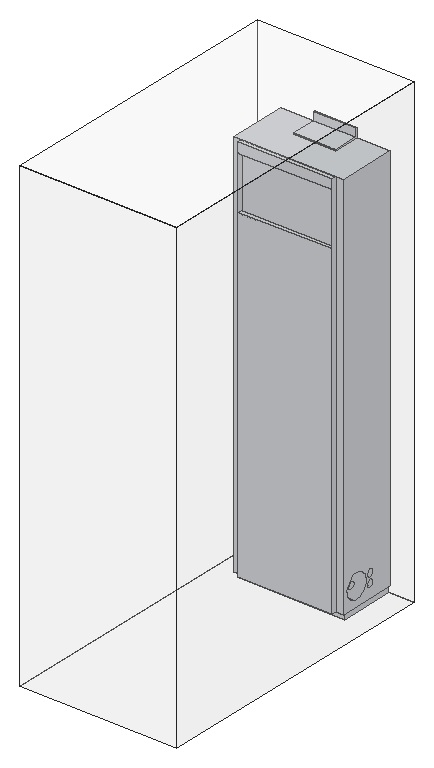
Revit family "ps-rp50_160ka21_60hz", category 機械設備, Revit 2019
Family settings
  丸型コネクタ寸法 = 直径を使用
  パーツ タイプ = 標準
  OmniClass 番号 = 23.75.10.24.21.27.27
  OmniClass タイトル = Split System Air Conditioning Units
  作業面ベース = いいえ
  常に垂直 = はい
  ロード時にボイドで切り取り = いいえ
  共有 = いいえ
  部屋計算ポイント = はい
Parameters (values of type "床置_PS-RP80KA21")
  風量_強 (㎥/min) = 15
  風量_弱 (㎥/min) = 13
  風量_中 (㎥/min) = 14
  風量 = MAX風量  # 900.0 m³/h
  音響パワーレベル_弱 (dB) = 52
  音響パワーレベル_中 (dB) = 55
  音響パワーレベル_強 (dB) = 57
  音響パワーレベル(dB) = [音響パワーレベル_強 (dB)]  # 57
  電線用ノックアウト穴Z2 = 90 mm
  電線用ノックアウト穴Z1 = 130 mm
  電線用ノックアウト穴Y = 110 mm
  電源種別 = ""
  電源_H = 0 mm
  電機品箱位置W = 22 mm
  電機品箱位置H = 641 mm
  電機品箱位置D = 170 mm
  電機品箱W = 348 mm
  電機品箱H = 151 mm
  電機品箱D = 61 mm
  電圧 = 0 V
  電動機出力_送風機 = 0.05 kW
  運転質量 = 0.00 kg
  連動 = ""
  転倒防止金具幅 = 180 mm
  質量 = if(製品質量 > 運転質量, 製品質量, 運転質量) * 1.2  # 42.00 kg
  負荷分類 = 3_ファン類
  構成品番 = "PS-RP80KA21"
  吊り位置y_3 = 175 mm
  吊り位置X_3 = 80 mm
  冷媒，ドレン配管用ノックアウト穴正面-Z = 105 mm
  冷媒，ドレン配管用ノックアウト穴正面-X2 = 20 mm
  ドレン管径 (外径) = 26 mm
  【値が 0 の項目は組合せ形名にてご確認ください】 = ""
  MIN風量 = [風量_弱 (㎥/min)] * 60.0 m³/h  # 780.0 m³/h
  MID風量 = [風量_中 (㎥/min)] * 60.0 m³/h  # 840.0 m³/h
  MAX風量 = [風量_強 (㎥/min)] * 60.0 m³/h  # 900.0 m³/h
  吸込口高さ = 585 mm
  吸込口幅 = 405 mm
  吊り位置Y_1 = 55 mm
  吊り位置Y_2 = 145 mm
  吊り位置X_2 = 280 mm
  吊り位置X_1 = 200 mm
  冷媒，ドレン配管用ノックアウト穴側面-Z = 110 mm
  冷媒，ドレン配管用ノックアウト穴側面-Y = 180 mm
  冷媒，ドレン配管用ノックアウト穴正面-X1 = 75 mm
  冷媒液管位置-Z = 550 mm
  冷媒液管位置-Y = 201 mm
  冷媒液管位置-X = 45 mm
  冷媒ガス管位置-Z = 402 mm
  冷媒ガス管位置-Y = 186 mm
  冷媒ガス管位置-X = 78 mm
  吹出口高さ = 230 mm
  吹出口幅 = 400 mm
  ドレン管径-Y = 210 mm
  ドレン管径-X = 25 mm
  ケーブルサイズ = 0 mm
  Width = 470 mm
  URL = "https://www.mitsubishielectric.co.jp/ldg/wink/ssl/top.do"
  Height = 1700 mm
  説明 = "店舗・事務所用パッケージエアコン(Mr.SLIM) 床置形"
  設計暖房能力 = 0.00 kW
  設計冷房能力_顕熱 = 0 kW
  設計冷房能力 = 0 kW
  設置方法 = "床置形"
  記号 = ""
  製造元 = "三菱電機株式会社"
  製品質量 = 35.00 kg
  製品出荷対象 = "国内"
  製品リリース年月 = ""
  製品グループ = ""
  系統 = ""
  符号 = "PAC_FRV"
  積算_科目 = "1 空気調和設備"
  積算_拾い区分 [instance] = ""
  相 = 1
  盤記号 = ""
  発停方法 = "付属スイッチ"
  特殊仕様 = ""
  火災停止 = ""
  消費電力_暖房 = 0.08 kW
  消費電力_冷房 = 0.09 kW
  消費電力 = if(消費電力_冷房 > 消費電力_暖房, 消費電力_冷房, 消費電力_暖房)  # 0.09 kW
  法定耐用年数 = "6"
  極数 = 1
  材質 = ""
  本体マテリアル = none
  有効加湿量 = 0
  暖房能力 = 8.00 kW
  推奨ブレーカー容量 = 0 A
  形式_加湿器 = ""
  形式 = "床置（露出）立形"
  幹線記号 = ""
  始動方式 = "直入"
  呼称 = "室内機_床置（露出）立形（直吹）"
  周波数 = 60 Hz
  台数_手元リモコン = ""
  台数_冷媒分岐ユニット = ""
  参照している仕様書等のバージョン = "公共建築工事標準仕様書（機械設備工事編）平成31年度版"
  加湿給水管径 = 0.00 mm
  分類コード = "5.0053E+13"
  分類グループ = ""
  冷房能力 = 7.1 kW
  冷媒高低圧ガス管径 = 0.00 mm
  冷媒管径符号 = "Bd"
  冷媒管径 = 100.00 mm
  冷媒液管径 = 9.52 mm
  冷媒ガス管径 = 15.88 mm
  企業コード = "108420"
  付属品_フィルター = ""
  付属品 = ""
  仕様書バージョン = "Version1.0"
  Model = ""
  パネルマテリアル = none
  ドレン管径 = 20.00 mm
  サービススペース = yes
  コメント [instance] = ""
  ケーブル種類 = ""
  Version = ""
  Uniclass2015Version = "Systems v1.9"
  Uniclass2015Title = "Split coil remote air cooled condensing units"
  Uniclass2015Code = "Pr_70_65_03_84"
  SpecificationReference = ""
  SpecificationDescription = ""
  Revision = ""
  ProductInformation = ""
  OmniClassCode = "23-33 17 13 11"
  IfcTypeProduct = ""
  IfcProduct = ""
  IfcExportType = "AIRCONDITIONINGUNIT"
  IfcExportAs = "IfcUnitaryEquipmentType"
  Depth = 270 mm
  価格 = 0
  Clearance Top = 300 mm
  Clearance Right = 100 mm
  Clearance Left = 100 mm
  Clearance Front = 1000 mm
  Clearance Bottom = 0 mm
  Clearance Back = 5 mm
  B = 797 mm
  Author = "三菱電機株式会社"
  A = 172.5 mm
Types (8, lengths in mm): name | 風量_強 (㎥/min) | 風量_弱 (㎥/min) | 風量_中 (㎥/min) | 風量 | 音響パワーレベル_弱 (dB) | 音響パワーレベル_中 (dB) | 音響パワーレベル_強 (dB) | 音響パワーレベル(dB) | 電線用ノックアウト穴Z1 | 電線用ノックアウト穴Y | 電機品箱位置H | 電機品箱位置D | 電機品箱W | 電機品箱H | 電機品箱D | 電動機出力_送風機 | 転倒防止金具幅 | 質量 | 構成品番 | 吊り位置y_3 | 吊り位置X_3 | 冷媒，ドレン配管用ノックアウト穴正面-Z | MIN風量 | MID風量 | MAX風量 | 吸込口高さ | 吸込口幅 | 吊り位置Y_1 | 吊り位置Y_2 | 吊り位置X_2 | 吊り位置X_1 | 冷媒，ドレン配管用ノックアウト穴側面-Z | 冷媒，ドレン配管用ノックアウト穴側面-Y | 冷媒，ドレン配管用ノックアウト穴正面-X1 | 冷媒液管位置-Z | 冷媒液管位置-Y | 冷媒液管位置-X | 冷媒ガス管位置-Z | 冷媒ガス管位置-Y | 冷媒ガス管位置-X | 吹出口高さ | 吹出口幅 | ドレン管径-Y | ドレン管径-X | Width | Height | 製品質量 | 消費電力_暖房 | 消費電力_冷房 | 消費電力 | 暖房能力 | 冷房能力 | 冷媒管径符号 | 冷媒液管径 | 冷媒ガス管径 | Depth | B | A
  床置_PS-RP50KA21 | 14 | 12 | 13 | 840.0 m³/h | 52 | 54 | 56 | 56 | 130 | 110 | 641 | 170 | 348 | 151 | 61 | 0.05 kW | 180 | 42.00 kg | "PS-RP50KA21" | 175 | 80 | 105 | 720.0 m³/h | 780.0 m³/h | 840.0 m³/h | 585 | 405 | 55 | 145 | 280 | 200 | 110 | 180 | 75 | 550 | 201 | 45 | 402 | 186 | 78 | 230 | 400 | 210 | 25 | 470 | 1700 | 35.00 kg | 0.08 kW | 0.09 kW | 0.09 kW | 5.00 kW | 4.5 kW | "Ac" | 6.35 | 12.70 | 270 | 797 | 172.5
  床置_PS-RP56KA21 | 14 | 12 | 13 | 840.0 m³/h | 52 | 54 | 56 | 56 | 130 | 110 | 641 | 170 | 348 | 151 | 61 | 0.05 kW | 180 | 42.00 kg | "PS-RP56KA21" | 175 | 80 | 105 | 720.0 m³/h | 780.0 m³/h | 840.0 m³/h | 585 | 405 | 55 | 145 | 280 | 200 | 110 | 180 | 75 | 550 | 201 | 45 | 402 | 186 | 78 | 230 | 400 | 210 | 25 | 470 | 1700 | 35.00 kg | 0.08 kW | 0.09 kW | 0.09 kW | 5.60 kW | 5 kW | "Ac" | 6.35 | 12.70 | 270 | 797 | 172.5
  床置_PS-RP63KA21 | 15 | 13 | 14 | 900.0 m³/h | 52 | 54 | 56 | 56 | 130 | 110 | 641 | 170 | 348 | 151 | 61 | 0.05 kW | 180 | 42.00 kg | "PS-RP63KA21" | 175 | 80 | 105 | 780.0 m³/h | 840.0 m³/h | 900.0 m³/h | 585 | 405 | 55 | 145 | 280 | 200 | 110 | 180 | 75 | 550 | 201 | 45 | 402 | 186 | 78 | 230 | 400 | 210 | 25 | 470 | 1700 | 35.00 kg | 0.08 kW | 0.09 kW | 0.09 kW | 6.30 kW | 5.6 kW | "Ac" | 6.35 | 12.70 | 270 | 797 | 172.5
  床置_PS-RP71KA21 | 15 | 13 | 14 | 900.0 m³/h | 52 | 55 | 57 | 57 | 130 | 110 | 641 | 170 | 348 | 151 | 61 | 0.05 kW | 180 | 42.00 kg | "PS-RP71KA21" | 175 | 80 | 105 | 780.0 m³/h | 840.0 m³/h | 900.0 m³/h | 585 | 405 | 55 | 145 | 280 | 200 | 110 | 180 | 75 | 550 | 201 | 45 | 402 | 186 | 78 | 230 | 400 | 210 | 25 | 470 | 1700 | 35.00 kg | 0.08 kW | 0.09 kW | 0.09 kW | 7.10 kW | 6.3 kW | "Bd" | 9.52 | 15.88 | 270 | 797 | 172.5
  床置_PS-RP80KA21 | 15 | 13 | 14 | 900.0 m³/h | 52 | 55 | 57 | 57 | 130 | 110 | 641 | 170 | 348 | 151 | 61 | 0.05 kW | 180 | 42.00 kg | "PS-RP80KA21" | 175 | 80 | 105 | 780.0 m³/h | 840.0 m³/h | 900.0 m³/h | 585 | 405 | 55 | 145 | 280 | 200 | 110 | 180 | 75 | 550 | 201 | 45 | 402 | 186 | 78 | 230 | 400 | 210 | 25 | 470 | 1700 | 35.00 kg | 0.08 kW | 0.09 kW | 0.09 kW | 8.00 kW | 7.1 kW | "Bd" | 9.52 | 15.88 | 270 | 797 | 172.5
  床置_PS-RP112KA21 | 30 | 24 | 27 | 1800.0 m³/h | 57 | 61 | 63 | 63 | 140 | 190 | 714 | 245 | 461 | 123 | 66 | 0.16 kW | 260 | 58.80 kg | "PS-RP112KA21" | 254 | 99 | 110 | 1440.0 m³/h | 1620.0 m³/h | 1800.0 m³/h | 599 | 524 | 77 | 201 | 277 | 218 | 115 | 260 | 105 | 590 | 261 | 48 | 480 | 261 | 95 | 260 | 520 | 289 | 27 | 600 | 1900 | 49.00 kg | 0.20 kW | 0.21 kW | 0.21 kW | 11.20 kW | 10 kW | "Bd" | 9.52 | 15.88 | 360 | 834 | 181
  床置_PS-RP140KA21 | 30 | 24 | 27 | 1800.0 m³/h | 57 | 61 | 63 | 63 | 140 | 190 | 714 | 245 | 461 | 123 | 66 | 0.16 kW | 260 | 58.80 kg | "PS-RP140KA21" | 254 | 99 | 110 | 1440.0 m³/h | 1620.0 m³/h | 1800.0 m³/h | 599 | 524 | 77 | 201 | 277 | 218 | 115 | 260 | 105 | 590 | 261 | 48 | 480 | 261 | 95 | 260 | 520 | 289 | 27 | 600 | 1900 | 49.00 kg | 0.20 kW | 0.21 kW | 0.21 kW | 14.00 kW | 12.5 kW | "Bd" | 9.52 | 15.88 | 360 | 834 | 181
  床置_PS-RP160KA21 | 30 | 24 | 27 | 1800.0 m³/h | 59 | 62 | 64 | 64 | 140 | 190 | 714 | 245 | 461 | 123 | 66 | 0.16 kW | 260 | 58.80 kg | "PS-RP160KA21" | 254 | 99 | 110 | 1440.0 m³/h | 1620.0 m³/h | 1800.0 m³/h | 599 | 524 | 77 | 201 | 277 | 218 | 115 | 260 | 105 | 590 | 261 | 48 | 480 | 261 | 95 | 260 | 520 | 289 | 27 | 600 | 1900 | 49.00 kg | 0.20 kW | 0.21 kW | 0.21 kW | 16.00 kW | 14 kW | "Bd" | 9.52 | 15.88 | 360 | 834 | 181
Reference planes
  plane 1 "中心(正面/背面)": y = 0
  plane 2: z = 0
  plane 3 "中心(左/右)": x = 0
  plane 4: x = -235
  plane 5: x = 235
  plane 6: z = 1700
  plane 7: z = 30
  plane 8: x = 157
  plane 9: x = 190
  plane 10: x = 210
  plane 11: x = -90
  plane 12: x = 90
  plane 13: z = 550
  plane 14: z = 402
  plane 15: z = 1430
  plane 16: z = 757.5
  plane 17: z = 172.5
  plane 18: x = -202.5
  plane 19: x = 202.5
  plane 20: z = 827
  plane 21: z = 1660
  plane 22: x = -335
  plane 23: x = 335
  plane 24: z = 2000
  plane 25: z = 110
  plane 26 "本体背面": y = 0
  plane 27: y = -250
  plane 28 "Front": y = -270
  plane 29: y = -186
  plane 30: y = -201
  plane 31: y = -210
  plane 32: y = 5
  plane 33: y = -1270
  plane 34: y = -180
  plane 35: y = -110
  plane 36: x = -122.5
  plane 37: x = 122.5
  plane 38: y = -55
  plane 39: y = -200
  plane 40: x = -140
  plane 41: x = 140
  plane 42: x = -100
  plane 43: x = 100
  plane 44: z = 105
  plane 45: x = 160
  plane 46: x = -20
  plane 47: z = 90
  plane 48: z = 130
  plane 49: z = 125
  plane 50: x = -225
  plane 51: y = -175
  plane 52: x = 155
  plane 53: y = -170
  plane 54: y = -231
  plane 55: z = 641
  plane 56: z = 792
  plane 57: x = -213
  plane 58: x = 135
Forms (mm)
  Extrusion 1, solid
    sketch origin (0, -125, 0) x (1, 0, 0) y (0, 1, 0)
      loop
        line (-235, 125) -> (-235, -125) -> (235, -125) -> (235, 125) -> (-235, 125)
    from 30 to 1700
  Extrusion 2, solid, detail levels fine
    sketch origin (0, -125, 0) x (1, 0, 0) y (0, 1, 0)
      loop
        line (-202.5, -145) -> (202.5, -145) -> (202.5, -125) -> (-202.5, -125) -> (-202.5, -145)
    from 30 to 1700
  Extrusion 3, solid, detail levels fine
    sketch origin (0, -125, 0) x (1, 0, 0) y (0, 1, 0)
      loop
        line (-225, -105) -> (225, -105) -> (225, 125) -> (-225, 125) -> (-225, -105)
    from 0 to 30
  Extrusion 4, solid, detail levels fine
    sketch origin (0, -125, 0) x (0, 1, 0) y (0, 0, 1)
      loop
        line (125, 1740) -> (120, 1740) -> (120, 1704.676) -> (14, 1704.676) -> (14, 1700) -> (125, 1700) -> (125, 1740)
    from -90 to 90
  Extrusion 5, solid, detail levels fine
    sketch origin (0, -125, 0) x (1, 0, 0) y (0, 1, 0)
      loop
        circle (157, -61) r 7.94
    from 402 to 827
  Extrusion 6, solid, detail levels fine
    sketch origin (35, -140, 0) x (1, 0, 0) y (0, 1, 0)
      loop
        circle (155, -61) r 4.76
    from 550 to 827
  Extrusion 7, solid, detail levels fine
    sketch origin (0, -125, 0) x (1, 0, 0) y (0, 1, 0)
      loop
        circle (210, -85) r 13
    from 125 to 827
  Extrusion 8, void
    sketch origin (0, -125, 0) x (1, 0, 0) y (0, 0, 1)
      loop
        line (-200, 1660) -> (-200, 1430) -> (200, 1430) -> (200, 1660) -> (-200, 1660)
    from 125 to 145
  Extrusion 9, solid, detail levels fine
    sketch origin (0, -125, 0) x (0, 1, 0) y (0, 0, 1)
      loop
        circle (-55, 110) r 50
    from 225 to 235
  Extrusion 10, solid
    sketch origin (1480.036, -270, 1200) x (1, 0, 0) y (0, 0, -1)
      loop
        circle (-1500.036, 1095) r 50
    from 265 to 270
  Extrusion 11, solid
    sketch origin (1630.036, -270, 1200) x (1, 0, 0) y (0, 0, -1)
      loop
        circle (-1470.036, 1095) r 50
    from 265 to 270
  Extrusion 12, solid, detail levels fine
    sketch origin (0, 0, 0) x (0, 1, 0) y (0, 0, 1)
      loop
        circle (-110, 90) r 13.5
      loop
        circle (-110, 130) r 13.5
    from 225 to 235
  Extrusion 13, solid
    sketch origin (0, 0, 0) x (1, 0, 0) y (0, 1, 0)
      loop
        circle (185, -175) r 13
    from 0 to 1.766
  Extrusion 14, solid
    sketch origin (0, 0, 0) x (0, 1, 0) y (0, 0, 1)
      loop
        circle (-210, 125) r 13
    from 235 to 225
  Extrusion 15, solid
    sketch origin (0, 0, 0) x (0, 1, 0) y (0, 0, 1)
      loop
        circle (-180, 110) r 50
    from -225 to -235
  Extrusion 16, solid
    sketch origin (0, 0, 0) x (0, 1, 0) y (0, 0, 1)
      loop
        circle (-210, 125) r 13
    from -235 to -225
  Extrusion 17, solid
    sketch origin (0, 0, 0) x (1, 0, 0) y (0, 1, 0)
      loop
        circle (155, -175) r 50
    from 0 to 30
  Extrusion 18, solid
    sketch origin (1480.036, -270, 1200) x (1, 0, 0) y (0, 0, -1)
      loop
        circle (-1470.036, 1090) r 13
    from 270 to 265
  Extrusion 19, solid
    sketch origin (1480.036, -270, 1200) x (1, 0, 0) y (0, 0, -1)
      loop
        circle (-1290.036, 1090) r 13
    from 265 to 270
  Extrusion 20, solid, detail levels fine
    sketch origin (0, 0, 0) x (1, 0, 0) y (0, 0, 1)
      loop
        line (-213, 792) -> (-213, 641) -> (135, 641) -> (135, 792) -> (-213, 792)
    from 170 to 231
Cuts and joins
  Extrusion 8 cuts Extrusion 1
  Extrusion 8 cuts Extrusion 2
Lines and regions (mm)
  model lines, detail levels fine
    curve 1: line (-235, -250, 827) -> (-202.5, -250, 827)
    curve 2: line (235, -250, 827) -> (202.5, -250, 827)
    curve 3: line (-202.5, -270, 172.5) -> (202.5, -270, 172.5)
    curve 4: line (-202.5, -270, 757.5) -> (-202.5, -270, 172.5)
    curve 5: line (202.5, -270, 757.5) -> (202.5, -270, 172.5)
    curve 6: line (-202.5, -270, 757.5) -> (202.5, -270, 757.5)
    curve 7: line (-202.5, -270, 189.706) -> (202.5, -270, 189.706)
    curve 8: line (-202.5, -270, 206.912) -> (202.5, -270, 206.912)
    curve 9: line (-202.5, -270, 224.118) -> (202.5, -270, 224.118)
    curve 10: line (-202.5, -270, 241.324) -> (202.5, -270, 241.324)
    curve 11: line (-202.5, -270, 258.529) -> (202.5, -270, 258.529)
    curve 12: line (-202.5, -270, 275.735) -> (202.5, -270, 275.735)
    curve 13: line (-202.5, -270, 292.941) -> (202.5, -270, 292.941)
    curve 14: line (-202.5, -270, 310.147) -> (202.5, -270, 310.147)
    curve 15: line (-202.5, -270, 327.353) -> (202.5, -270, 327.353)
    curve 16: line (-202.5, -270, 344.559) -> (202.5, -270, 344.559)
    curve 17: line (-202.5, -270, 361.765) -> (202.5, -270, 361.765)
    curve 18: line (-202.5, -270, 378.971) -> (202.5, -270, 378.971)
    curve 19: line (-202.5, -270, 396.176) -> (202.5, -270, 396.176)
    curve 20: line (-202.5, -270, 413.382) -> (202.5, -270, 413.382)
    curve 21: line (-202.5, -270, 430.588) -> (202.5, -270, 430.588)
    curve 22: line (-202.5, -270, 447.794) -> (202.5, -270, 447.794)
    curve 23: line (-202.5, -270, 465) -> (202.5, -270, 465)
    curve 24: line (-202.5, -270, 482.206) -> (202.5, -270, 482.206)
    curve 25: line (-202.5, -270, 499.412) -> (202.5, -270, 499.412)
    curve 26: line (-202.5, -270, 516.618) -> (202.5, -270, 516.618)
    curve 27: line (-202.5, -270, 533.824) -> (202.5, -270, 533.824)
    curve 28: line (-202.5, -270, 551.029) -> (202.5, -270, 551.029)
    curve 29: line (-202.5, -270, 568.235) -> (202.5, -270, 568.235)
    curve 30: line (-202.5, -270, 585.441) -> (202.5, -270, 585.441)
    curve 31: line (-202.5, -270, 602.647) -> (202.5, -270, 602.647)
    curve 32: line (-202.5, -270, 619.853) -> (202.5, -270, 619.853)
    curve 33: line (-202.5, -270, 637.059) -> (202.5, -270, 637.059)
    curve 34: line (-202.5, -270, 654.265) -> (202.5, -270, 654.265)
    curve 35: line (-202.5, -270, 671.471) -> (202.5, -270, 671.471)
    curve 36: line (-202.5, -270, 688.676) -> (202.5, -270, 688.676)
    curve 37: line (-202.5, -270, 705.882) -> (202.5, -270, 705.882)
    curve 38: line (-202.5, -270, 723.088) -> (202.5, -270, 723.088)
    curve 39: line (-202.5, -270, 740.294) -> (202.5, -270, 740.294)
    curve 40: line (200, -270, 1660) -> (200, -270, 1430)
    curve 41: line (-200, -270, 1430) -> (200, -270, 1430)
    curve 42: line (-60, -270, 1326) -> (60, -270, 1326)
    curve 43: line (-60, -270, 1206) -> (-60, -270, 1326)
    curve 44: line (60, -270, 1206) -> (-60, -270, 1206)
    curve 45: line (60, -270, 1326) -> (60, -270, 1206)
    curve 46: line (-200, -270, 1430) -> (200, -270, 1430)
    curve 47: line (-200, -270, 1660) -> (-200, -270, 1430)
    curve 48: line (-200, -270, 1660) -> (200, -270, 1660)
    curve 49: line (-200, -270, 1462.857) -> (200, -270, 1462.857)
    curve 50: line (-200, -270, 1495.714) -> (200, -270, 1495.714)
    curve 51: line (-200, -270, 1528.571) -> (200, -270, 1528.571)
    curve 52: line (-200, -270, 1561.429) -> (200, -270, 1561.429)
    curve 53: line (-200, -270, 1594.286) -> (200, -270, 1594.286)
    curve 54: line (-200, -270, 1627.143) -> (200, -270, 1627.143)
    curve 55: line (200, -270, 1660) -> (200, -270, 1430)
    curve 56: line (-142.857, -270, 1660) -> (-142.857, -270, 1430)
    curve 57: line (-85.714, -270, 1660) -> (-85.714, -270, 1430)
    curve 58: line (-28.571, -270, 1660) -> (-28.571, -270, 1430)
    curve 59: line (28.571, -270, 1660) -> (28.571, -270, 1430)
    curve 60: line (85.714, -270, 1660) -> (85.714, -270, 1430)
    curve 61: line (142.857, -270, 1660) -> (142.857, -270, 1430)
    curve 62: line (-202.5, -270, 827) -> (-94.055, -270, 827)
    curve 63: line (202.5, -270, 827) -> (94.055, -270, 827)
    curve 64: arc (-94.055, -270, 827) -> (-84.472, -270, 826.073) -> (-75.244, -270, 823.326) r 50
    curve 65: arc (75.244, -270, 823.326) -> (84.472, -270, 826.073) -> (94.055, -270, 827) r 50
    curve 66: arc (-75.244, -270, 823.326) -> (0, -270, 808.632) -> (75.244, -270, 823.326) r 200
Dimensions and locks
  equal spacing: plane 4, plane 3 "中心(左/右)", plane 5
  "Width": plane 4 to plane 5
  "Height": plane 6 to plane 2
  plane 7 to level = 30 mm
  equal spacing: plane 11, plane 3 "中心(左/右)", plane 12
  "転倒防止金具幅": plane 11 to plane 12
  "冷媒液管位置-Z": plane 13 to plane 2
  "冷媒ガス管位置-Z": plane 14 to plane 2
  "A": plane 17 to plane 2
  "吸込口高さ": plane 16 to plane 17
  "B": plane 20 to plane 7
  locked: plane 6 to plane 21 at 40
  "吹出口高さ": plane 21 to plane 15
  equal spacing: plane 19, plane 3 "中心(左/右)", plane 18
  "吸込口幅": plane 19 to plane 18
  plane 12 to plane 11 = 180 mm
  plane 5 to plane 4 = 470 mm
  "Clearance Left": plane 22 to plane 4
  "Clearance Top": plane 24 to plane 6
  "冷媒，ドレン配管用ノックアウト穴側面-Z": plane 25 to plane 2
  plane 27 to plane 28 "Front" = 20 mm
  locked: Extrusion 3 sketch curve to plane 5 at 10
  locked: Extrusion 3 sketch curve to plane 27 at 20
  "冷媒ガス管位置-Y": plane 29 to plane 26 "本体背面"
  "冷媒液管位置-Y": plane 30 to plane 26 "本体背面"
  "ドレン管径-Y": plane 31 to plane 26 "本体背面"
  locked: Extrusion 4 sketch curve to Extrusion 4 sketch curve at 5
  locked: Extrusion 4 sketch curve to Extrusion 4 sketch curve at 111
  "冷媒ガス管位置-X": plane 8 to plane 5
  "冷媒液管位置-X": plane 9 to plane 5
  "ドレン管径-X": plane 10 to plane 5
  equal spacing: Extrusion 8 sketch curve, plane 3 "中心(左/右)", Extrusion 8 sketch curve
  "吹出口幅": Extrusion 8 sketch curve to Extrusion 8 sketch curve
  "Clearance Front": plane 28 "Front" to plane 33
  "Clearance Back": plane 26 "本体背面" to plane 32
  "Clearance Right": plane 5 to plane 23
  locked: Extrusion 9 to plane 5 at 10
  equal spacing: curve 6, curve 39, curve 38, curve 37, curve 36, curve 35, curve 34, curve 33, curve 32, curve 31, curve 30, curve 29, curve 28, curve 27, curve 26, curve 25, curve 24, curve 23, curve 22, curve 21, curve 20, curve 19, curve 18, curve 17, curve 16, curve 15, curve 14, curve 13, curve 12, curve 11, curve 10, curve 9, curve 8, curve 7, curve 3
  cut or joined group of Extrusion 2, Extrusion 8 to cut or joined group of Extrusion 2, Extrusion 8 = 400 mm
  locked: curve 42 to curve 44 at 120
  locked: curve 45 to curve 43 at 120
  equal spacing: cut or joined group of Extrusion 2, Extrusion 8, curve 54, curve 53, curve 52, curve 51, curve 50, curve 49, cut or joined group of Extrusion 2, Extrusion 8
  "Clearance Bottom": plane 2 to nested 1
  locked: plane 15 to curve 42 at 104
  "電線用ノックアウト穴Y": plane 26 "本体背面" to plane 35
  "冷媒，ドレン配管用ノックアウト穴側面-Y": plane 26 "本体背面" to plane 34
  equal spacing: curve 45, plane 3 "中心(左/右)", curve 43
  equal spacing: cut or joined group of Extrusion 2, Extrusion 8, curve 56, curve 57, curve 58, curve 59, curve 60, curve 61, cut or joined group of Extrusion 2, Extrusion 8
  "吊り位置Y_1": plane 38 to plane 26 "本体背面"
  "吊り位置Y_2": plane 38 to plane 39
  equal spacing: plane 40, plane 3 "中心(左/右)", plane 41
  "吊り位置X_2": plane 40 to plane 41
  equal spacing: plane 42, plane 3 "中心(左/右)", plane 43
  "吊り位置X_1": plane 42 to plane 43
  "冷媒，ドレン配管用ノックアウト穴正面-X1": plane 45 to plane 5
  "冷媒，ドレン配管用ノックアウト穴正面-X2": plane 3 "中心(左/右)" to plane 46
  "電線用ノックアウト穴Z2": plane 47 to level
  "電線用ノックアウト穴Z1": plane 48 to plane 2
  locked: Extrusion 11 to cut or joined group of Extrusion 1, Extrusion 8 at 5
  locked: Extrusion 10 to cut or joined group of Extrusion 1, Extrusion 8 at 5
  "冷媒，ドレン配管用ノックアウト穴正面-Z": plane 2 to plane 44
  plane 8 to plane 9 = 33 mm
  "Depth": plane 26 "本体背面" to plane 28 "Front"
  plane 49 to level = 125 mm
  plane 50 to plane 4 = 10 mm
  "吊り位置y_3": plane 26 "本体背面" to plane 51
  "吊り位置X_3": plane 52 to plane 5
  Extrusion 18 sketch curve to plane 46 = 30 mm
  plane 45 to Extrusion 19 sketch curve = 30 mm
  plane 52 to Extrusion 13 sketch curve = 30 mm
  "電機品箱位置D": plane 53 to plane 26 "本体背面"
  "電機品箱D": plane 54 to plane 53
  "電機品箱位置H": plane 55 to plane 2
  "電機品箱H": plane 56 to plane 55
  "電機品箱位置W": plane 57 to plane 4
  "電機品箱W": plane 58 to plane 57
  "冷媒ガス管径": diameter of Extrusion 5 sketch curve
  "冷媒液管径": diameter of Extrusion 6 sketch curve
  "ドレン管径 (外径)": diameter of Extrusion 7 sketch curve
  "冷媒管径": diameter of Extrusion 9 sketch curve
  "冷媒管径": diameter of Extrusion 10 sketch curve
  "冷媒管径": diameter of Extrusion 11 sketch curve
  radius of curve 66 = 200 mm
  "ドレン管径 (外径)": diameter of Extrusion 13 sketch curve
  "ドレン管径 (外径)": diameter of Extrusion 14 sketch curve
  "冷媒管径": diameter of Extrusion 17 sketch curve
  "ドレン管径 (外径)": diameter of Extrusion 18 sketch curve
  "ドレン管径 (外径)": diameter of Extrusion 19 sketch curve
  aligned and locked: level to plane 2
  aligned and locked: plane 26 "本体背面" to Extrusion 1 sketch curve
  aligned and locked: plane 27 to Extrusion 1 sketch curve
  aligned and locked: plane 5 to Extrusion 1 sketch curve
  aligned and locked: plane 27 to Extrusion 2 sketch curve
  aligned and locked: Extrusion 2 sketch curve to plane 28 "Front"
  aligned and locked: Extrusion 3 sketch curve to plane 26 "本体背面"
  aligned and locked: plane 8 to Extrusion 5 sketch curve
  aligned and locked: plane 29 to Extrusion 5 sketch curve
  aligned and locked: plane 9 to Extrusion 6 sketch curve
  aligned and locked: plane 30 to Extrusion 6 sketch curve
  aligned and locked: plane 10 to Extrusion 7 sketch curve
  aligned and locked: plane 31 to Extrusion 7 sketch curve
  aligned and locked: Extrusion 7 to Extrusion 5
  aligned and locked: Extrusion 6 to Extrusion 5
  aligned and locked: Extrusion 8 to plane 28 "Front"
  aligned and locked: plane 27 to Extrusion 8
  aligned and locked: plane 32 to nested 1
  aligned and locked: nested 1 to plane 33
  aligned and locked: plane 34 to Extrusion 9 sketch curve
  aligned and locked: Extrusion 9 to plane 5
  aligned and locked: Extrusion 9 to Extrusion 3
  aligned and locked: nested 1 to plane 23
  aligned and locked: plane 23 to nested 1
  aligned and locked: plane 1 "中心(正面/背面)" to plane 26 "本体背面"
  aligned and locked: plane 24 to nested 1
  aligned and locked: plane 6 to cut or joined group of Extrusion 2, Extrusion 8
  aligned and locked: plane 6 to cut or joined group of Extrusion 1, Extrusion 8
  aligned and locked: Extrusion 4 to plane 6
  aligned and locked: plane 21 to cut or joined group of Extrusion 2, Extrusion 8
  aligned and locked: cut or joined group of Extrusion 2, Extrusion 8 to plane 15
  aligned and locked: cut or joined group of Extrusion 2, Extrusion 8 to plane 18
  aligned and locked: plane 19 to curve 5
  aligned and locked: plane 19 to curve 2
  aligned and locked: plane 18 to curve 1
  aligned and locked: Extrusion 5 to plane 14
  aligned and locked: Extrusion 6 to plane 13
  aligned and locked: curve 4 to plane 18
  aligned and locked: cut or joined group of Extrusion 2, Extrusion 8 to plane 19
  aligned and locked: plane 18 to cut or joined group of Extrusion 2, Extrusion 8
  aligned and locked: curve 55 to cut or joined group of Extrusion 2, Extrusion 8
  aligned and locked: curve 47 to cut or joined group of Extrusion 2, Extrusion 8
  aligned and locked: curve 48 to plane 21
  aligned and locked: curve 46 to plane 15
  aligned and locked: plane 18 to curve 62
  aligned and locked: curve 62 to plane 20
  aligned and locked: plane 19 to curve 63
  aligned and locked: plane 20 to curve 63
  aligned and locked: plane 20 to curve 65
  aligned and locked: plane 22 to nested 1
  aligned and locked: Extrusion 1 to plane 4
  aligned and locked: cut or joined group of Extrusion 1, Extrusion 8 to plane 5
  aligned and locked: nested 1 to plane 24
  aligned and locked: cut or joined group of Extrusion 1, Extrusion 8 to plane 6
  aligned and locked: nested 2 to plane 38
  aligned and locked: nested 2 to plane 39  (x2)
  aligned and locked: plane 3 "中心(左/右)" to nested 2
  aligned and locked: nested 2 to plane 40
  aligned and locked: plane 41 to nested 2
  aligned and locked: plane 38 to nested 2
  aligned and locked: nested 2 to plane 41
  aligned and locked: plane 40 to nested 2
  aligned and locked: plane 46 to Extrusion 10 sketch curve
  aligned and locked: plane 44 to Extrusion 10 sketch curve
  aligned and locked: plane 45 to Extrusion 11 sketch curve
  aligned and locked: plane 44 to Extrusion 11 sketch curve
  aligned and locked: Extrusion 11 to plane 1 "中心(正面/背面)"
  aligned and locked: Extrusion 10 to plane 1 "中心(正面/背面)"
  aligned and locked: Extrusion 4 to Extrusion 10
  aligned and locked: level to nested 1  (x2)
  aligned and locked: plane 48 to Extrusion 12 sketch curve
  aligned and locked: plane 47 to Extrusion 12 sketch curve
  aligned and locked: Extrusion 12 to plane 5
  aligned and locked: Extrusion 12 to Extrusion 3
  aligned and locked: Extrusion 7 to plane 49
  aligned and locked: plane 31 to Extrusion 14 sketch curve
  aligned and locked: plane 49 to Extrusion 14 sketch curve
  aligned and locked: Extrusion 14 to plane 5
  aligned and locked: Extrusion 9 to Extrusion 14
  aligned and locked: Extrusion 15 sketch curve to Extrusion 9
  aligned and locked: Extrusion 15 to plane 4
  aligned and locked: Extrusion 3 to Extrusion 15
  aligned and locked: Extrusion 16 sketch curve to Extrusion 14
  aligned and locked: Extrusion 16 to plane 4
  aligned and locked: Extrusion 3 to Extrusion 16
  aligned and locked: plane 52 to Extrusion 17 sketch curve
  aligned and locked: plane 51 to Extrusion 17 sketch curve
  aligned and locked: plane 25 to Extrusion 18 sketch curve
  aligned and locked: plane 25 to Extrusion 19 sketch curve
  aligned and locked: Extrusion 18 to plane 1 "中心(正面/背面)"
  aligned and locked: Extrusion 10 to Extrusion 18
  aligned and locked: Extrusion 19 to plane 1 "中心(正面/背面)"
  aligned and locked: Extrusion 10 to Extrusion 19
  aligned and locked: plane 51 to Extrusion 13 sketch curve
  aligned and locked: plane 58 to Extrusion 20
  aligned and locked: Extrusion 20 to plane 57
  aligned and locked: Extrusion 20 to plane 55
  aligned and locked: plane 56 to Extrusion 20
  aligned and locked: Extrusion 20 to plane 53
  aligned and locked: plane 54 to Extrusion 20
Automatic sketch dimensions
  Extrusion 1 sketch curve to plane 4 = 0 mm
  Extrusion 2 sketch curve to plane 18 = 0 mm
  Extrusion 2 sketch curve to plane 19 = 0 mm
  plane 4 to Extrusion 3 sketch curve = 10 mm
  Extrusion 4 sketch curve to plane 6 = 0 mm
  plane 1 "中心(正面/背面)" to Extrusion 4 sketch curve = 0 mm
  plane 6 to Extrusion 4 sketch curve = 4.676 mm
  Extrusion 4 sketch curve to Extrusion 4 sketch curve = 35.324 mm
  curve 1 to plane 4 = 0 mm
  plane 5 to curve 2 = 0 mm
  curve 1 to plane 20 = 0 mm
  curve 2 to plane 20 = 0 mm
  curve 3 to plane 17 = 0 mm
  curve 3 to plane 18 = 0 mm
  curve 66 to plane 3 "中心(左/右)" = 0 mm
  curve 6 to plane 16 = 0 mm
  plane 11 to curve 62 = 4.055 mm
  plane 12 to curve 63 = 4.055 mm
  curve 65 to plane 16 = 19.5 mm
  curve 64 to plane 16 = 19.5 mm
  curve 66 to curve 64 = 0 mm
  Extrusion 12 sketch curve to plane 35 = 0 mm  (x2)
  Extrusion 20 sketch curve to plane 55 = 0 mm
  Extrusion 20 sketch curve to plane 57 = 0 mm
  Extrusion 20 sketch curve to plane 58 = 0 mm
  plane 16 to Extrusion 20 sketch curve = 34.5 mm
  Extrusion 8 sketch curve to plane 15 = 0 mm
  Extrusion 8 sketch curve to plane 21 = 0 mm
  Extrusion 9 sketch curve to plane 25 = 0 mm
  radius of Extrusion 12 sketch curve = 13.5 mm  (x2)
Nested families
  nested 1: "サービススペース" at (0, -632.5, 1000), visible <- "サービススペース", type "サービススペース", detail levels fine
    with Width 670 mm, Height 2000 mm, Depth 1275 mm
  nested 2: "固定点" at (0, -200, 0), W2 <- "吊り位置X_2", D <- "吊り位置Y_2", W1 <- "吊り位置X_1", type "固定点"
    with W2 280 mm, W1 200 mm, D 145 mm
Connectors
  piping at (235, -180, 110), diameter 100, driven by "冷媒管径", driven by "冷媒管径符号"
    settings: on Extrusion 9, index 6, connector inside diameter 609.60 mm, connector length 0 mm, flow factor 0, pipe flow 0.0 L/s, pressure drop 0.0 Pa, fitting loss kfactor 0, connector angle 0.00°, fixture units 0, engagement length 0 mm, angle of deflection 0.00°, flow configuration 1, flow direction 1, fitting loss method 4, system type 7, joint type 0, gender type 0, connector reference index -1, connector utility 0, adjustable connector no, is connector primary yes, connector description "Bd"
  piping at (160, 0, 105), diameter 100, driven by "冷媒管径", driven by "冷媒管径符号"
    settings: on Extrusion 11, index 8, connector inside diameter 609.60 mm, connector length 0 mm, flow factor 0, pipe flow 0.0 L/s, pressure drop 0.0 Pa, fitting loss kfactor 0, connector angle 0.00°, fixture units 0, engagement length 0 mm, angle of deflection 0.00°, flow configuration 1, flow direction 1, fitting loss method 4, system type 7, joint type 0, gender type 0, connector reference index -1, connector utility 0, adjustable connector no, is connector primary no, connector description "Bd"
  piping at (-20, 0, 105), diameter 100, driven by "冷媒管径", driven by "冷媒管径符号"
    settings: on Extrusion 10, index 9, connector inside diameter 609.60 mm, connector length 0 mm, flow factor 0, pipe flow 0.0 L/s, pressure drop 0.0 Pa, fitting loss kfactor 0, connector angle 0.00°, fixture units 0, engagement length 0 mm, angle of deflection 0.00°, flow configuration 1, flow direction 1, fitting loss method 4, system type 7, joint type 0, gender type 0, connector reference index -1, connector utility 0, adjustable connector no, is connector primary no, connector description "Bd"
  piping at (185, -175, 0), diameter 20, driven by "ドレン管径"
    settings: on Extrusion 13, index 11, connector inside diameter 609.60 mm, connector length 0 mm, flow factor 0, pipe flow 0.0 L/s, pressure drop 0.0 Pa, fitting loss kfactor 0, connector angle 0.00°, fixture units 0, engagement length 0 mm, angle of deflection 0.00°, flow configuration 1, flow direction 2, fitting loss method 4, system type 16, joint type 0, gender type 0, connector reference index -1, connector utility 0, adjustable connector no, is connector primary no, connector description ""
  piping at (235, -210, 125), diameter 20, driven by "ドレン管径"
    settings: on Extrusion 14, index 12, connector inside diameter 609.60 mm, connector length 0 mm, flow factor 0, pipe flow 0.0 L/s, pressure drop 0.0 Pa, fitting loss kfactor 0, connector angle 0.00°, fixture units 0, engagement length 0 mm, angle of deflection 0.00°, flow configuration 1, flow direction 2, fitting loss method 4, system type 16, joint type 0, gender type 0, connector reference index -1, connector utility 0, adjustable connector no, is connector primary no, connector description ""
  piping at (-235, -180, 110), diameter 100, driven by "冷媒管径", driven by "冷媒管径符号"
    settings: on Extrusion 15, index 13, connector inside diameter 609.60 mm, connector length 0 mm, flow factor 0, pipe flow 0.0 L/s, pressure drop 0.0 Pa, fitting loss kfactor 0, connector angle 0.00°, fixture units 0, engagement length 0 mm, angle of deflection 0.00°, flow configuration 1, flow direction 1, fitting loss method 4, system type 7, joint type 0, gender type 0, connector reference index -1, connector utility 0, adjustable connector no, is connector primary no, connector description "Bd"
  piping at (-235, -210, 125), diameter 20, driven by "ドレン管径"
    settings: on Extrusion 16, index 14, connector inside diameter 609.60 mm, connector length 0 mm, flow factor 0, pipe flow 0.0 L/s, pressure drop 0.0 Pa, fitting loss kfactor 0, connector angle 0.00°, fixture units 0, engagement length 0 mm, angle of deflection 0.00°, flow configuration 2, flow direction 2, fitting loss method 4, system type 16, joint type 0, gender type 0, connector reference index -1, connector utility 0, adjustable connector no, is connector primary no, connector description ""
  piping at (155, -175, 0), diameter 100, driven by "冷媒管径", driven by "冷媒管径符号"
    settings: on Extrusion 17, index 15, connector inside diameter 609.60 mm, connector length 0 mm, flow factor 0, pipe flow 0.0 L/s, pressure drop 0.0 Pa, fitting loss kfactor 0, connector angle 0.00°, fixture units 0, engagement length 0 mm, angle of deflection 0.00°, flow configuration 1, flow direction 1, fitting loss method 4, system type 7, joint type 0, gender type 0, connector reference index -1, connector utility 0, adjustable connector no, is connector primary no, connector description "Bd"
  piping at (190, 0, 110), diameter 20, driven by "ドレン管径"
    settings: on Extrusion 19, index 16, connector inside diameter 609.60 mm, connector length 0 mm, flow factor 0, pipe flow 0.0 L/s, pressure drop 0.0 Pa, fitting loss kfactor 0, connector angle 0.00°, fixture units 0, engagement length 0 mm, angle of deflection 0.00°, flow configuration 1, flow direction 2, fitting loss method 4, system type 16, joint type 0, gender type 0, connector reference index -1, connector utility 0, adjustable connector no, is connector primary no, connector description ""
  piping at (10, 0, 110), diameter 20, driven by "ドレン管径"
    settings: on Extrusion 18, index 17, connector inside diameter 609.60 mm, connector length 0 mm, flow factor 0, pipe flow 0.0 L/s, pressure drop 0.0 Pa, fitting loss kfactor 0, connector angle 0.00°, fixture units 0, engagement length 0 mm, angle of deflection 0.00°, flow configuration 1, flow direction 2, fitting loss method 4, system type 16, joint type 0, gender type 0, connector reference index -1, connector utility 0, adjustable connector no, is connector primary no, connector description ""
  electrical at (-39, -231, 716.5), driven by "極数", driven by "負荷分類", driven by "電圧", driven by "消費電力"
    settings: on Extrusion 20, index 18, voltage 0 V, apparent load 90 VA, apparent load phase1 0 VA, apparent load phase2 0 VA, apparent load phase3 0 VA, power factor 1, load classification "3_ファン類", number of poles 1, system type 30, power factor state 1, is connector primary yes, connector utility no, sub classification motor no, connector description ""
Definition of nested family "サービススペース"
  Parameters (values of type "サービススペース")
    Width [instance] = 500 mm
    Height [instance] = 500 mm
    Depth [instance] = 500 mm
  Reference planes
    plane 1 "中心(正面/背面)": y = 0
    plane 2: z = 0
    plane 3 "中心(左/右)": x = 0
    plane 4: y = -250
    plane 5: x = 250
    plane 6: y = 250
    plane 7: x = -250
    plane 8: z = 250
    plane 9: z = -250
  Forms (mm)
    Extrusion 1, solid
      sketch origin (-638.939, 0, 72.39) x (1, 0, 0) y (0, 1, 0)
        loop
          line (388.939, 250) -> (388.939, -250) -> (888.939, -250) -> (888.939, 250) -> (388.939, 250)
      from -322.39 to 177.61
  Lines and regions (mm)
    symbolic lines
      curve 1: line (-250, 0, 250) -> (250, 0, 250)
      curve 2: line (-250, 0, -250) -> (-250, 0, 250)
      curve 3: line (250, 0, -250) -> (-250, 0, -250)
      curve 4: line (250, 0, 250) -> (250, 0, -250)
      curve 5: line (0, -250, 250) -> (0, 250, 250)
      curve 6: line (0, -250, -250) -> (0, -250, 250)
      curve 7: line (0, 250, -250) -> (0, -250, -250)
      curve 8: line (0, 250, 250) -> (0, 250, -250)
      curve 9: line (-250, 250, 0) -> (250, 250, 0)
      curve 10: line (-250, -250, 0) -> (-250, 250, 0)
      curve 11: line (250, -250, 0) -> (-250, -250, 0)
      curve 12: line (250, 250, 0) -> (250, -250, 0)
  Dimensions and locks
    equal spacing: plane 7, plane 3 "中心(左/右)", plane 5
    equal spacing: plane 4, plane 1 "中心(正面/背面)", plane 6
    "Depth": plane 4 to plane 6
    "Width": plane 7 to plane 5
    equal spacing: plane 8, plane 2, plane 9
    "Height": plane 8 to plane 9
    aligned and locked: plane 9 to curve 3
    aligned and locked: plane 7 to curve 2
    aligned and locked: curve 4 to plane 5
    aligned and locked: plane 5 to Extrusion 1
    aligned and locked: Extrusion 1 to plane 7
    aligned and locked: Extrusion 1 to plane 9
    aligned and locked: plane 8 to Extrusion 1
    aligned and locked: plane 9 to curve 7
  Automatic sketch dimensions
    plane 4 to Extrusion 1 sketch curve = 0 mm
    Extrusion 1 sketch curve to plane 7 = 0 mm
    Extrusion 1 sketch curve to plane 5 = 0 mm
    plane 6 to Extrusion 1 sketch curve = 0 mm
    curve 2 to plane 8 = 0 mm
    plane 4 to curve 11 = 0 mm
    curve 11 to plane 7 = 0 mm
    curve 11 to plane 5 = 0 mm
    plane 6 to curve 10 = 0 mm
    curve 7 to plane 4 = 0 mm
    curve 7 to plane 6 = 0 mm
    curve 6 to plane 8 = 0 mm
Definition of nested family "固定点"
  Parameters (values of type "固定点")
    中心円 = 20 mm
    W2 [instance] = 277 mm
    W1 [instance] = 200 mm
    D [instance] = 210 mm
  Reference planes
    plane 1 "中心(正面/背面)": y = 0
    plane 2: z = 0
    plane 3 "中心(左/右)": x = 0
    plane 4: x = 138.5
    plane 5: y = 210
    plane 6: x = -100
    plane 7: x = -138.5
    plane 8: x = 100
    plane 9: x = 338.5
    plane 10: x = -338.5
    plane 11: y = -200
    plane 12: y = 420
  Lines and regions (mm)
    symbolic lines, detail levels fine
      curve 1: line (-338.5, 210, 0) -> (338.5, 210, 0)
      curve 2: line (-338.5, 0, 0) -> (338.5, 0, 0)
      curve 3: line (138.5, 420, 0) -> (138.5, -200, 0)
      curve 4: line (-100, 420, 0) -> (-100, -200, 0)
      curve 5: line (100, 420, 0) -> (100, -200, 0)
      curve 6: line (-138.5, 420, 0) -> (-138.5, -200, 0)
    model lines, detail levels fine
      curve 7: circle (-100, 0, 0) r 10 normal (0, 0, 1)
      curve 8: circle (100, 0, 0) r 10 normal (0, 0, 1)
      curve 9: circle (138.5, 210, 0) r 10 normal (0, 0, 1)
      curve 10: circle (-138.5, 210, 0) r 10 normal (0, 0, 1)
  Dimensions and locks
    "D": plane 1 "中心(正面/背面)" to plane 5
    equal spacing: plane 6, plane 3 "中心(左/右)", plane 8
    "W1": plane 6 to plane 8
    equal spacing: plane 7, plane 3 "中心(左/右)", plane 4
    "W2": plane 7 to plane 4
    locked: plane 11 to plane 1 "中心(正面/背面)" at 200
    locked: plane 10 to plane 7 at 200
    locked: plane 12 to plane 5 at 210
    locked: plane 4 to plane 9 at 200
    "中心円": diameter of curve 7
    "中心円": diameter of curve 8
    "中心円": diameter of curve 9
    "中心円": diameter of curve 10
    aligned and locked: level to plane 2
    aligned and locked: plane 1 "中心(正面/背面)" to curve 2
    aligned and locked: curve 3 to plane 4
    aligned and locked: curve 4 to plane 6
    aligned and locked: curve 6 to plane 7
    aligned and locked: curve 5 to plane 8
    aligned and locked: curve 1 to plane 5
    aligned and locked: plane 9 to curve 1
    aligned and locked: plane 9 to curve 2
    aligned and locked: plane 10 to curve 2
    aligned and locked: plane 11 to curve 3
    aligned and locked: plane 11 to curve 5
    aligned and locked: plane 11 to curve 4
    aligned and locked: plane 11 to curve 6
    aligned and locked: plane 12 to curve 3
    aligned and locked: plane 12 to curve 5
    aligned and locked: plane 12 to curve 4
    aligned and locked: plane 12 to curve 6
    aligned and locked: plane 10 to curve 1
    aligned and locked: plane 6 to curve 7
    aligned and locked: plane 1 "中心(正面/背面)" to curve 7
    aligned and locked: plane 8 to curve 8
    aligned and locked: plane 1 "中心(正面/背面)" to curve 8
    aligned and locked: plane 5 to curve 9
    aligned and locked: plane 4 to curve 9
    aligned and locked: plane 7 to curve 10
    aligned and locked: plane 5 to curve 10
